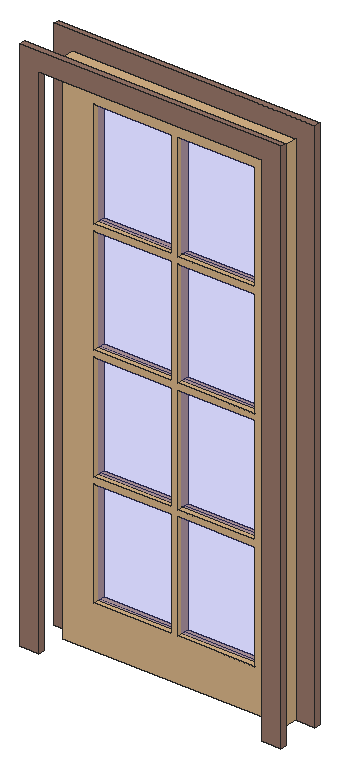
Revit family
Parameters (values of type "0915 x 2134mm")
  Thickness = 51.00 mm
  Door Material = Door - Panel
  Frame Material = Door - Frame
  Height = 2134.00 mm
  Muntin = 25.00 mm
  Stile Width = 127.00 mm
  Trim Projection Ext = 25.00 mm
  Trim Projection Int = 25.00 mm
  Trim Width = 76.00 mm
  Wall Closure = (empty or 0)
  Width = 915.00 mm
Types (7, lengths in mm): name | Height | Width
  0915 x 2134mm | 2134.00 | 915.00
  0864 x 2134mm | 2134.00 | 864.00
  0813 x 2134mm | 2134.00 | 813.00
  0762 x 2134mm | 2134.00 | 762.00
  0762 x 2032mm | 2032.00 | 762.00
  0915 x 2032mm | 2032.00 | 915.00
  0864 x 2032mm | 2032.00 | 864.00
Reference planes
  plane 1: y = 0
  plane 2: z = 0
  plane 3: x = 25.4
  plane 4: x = -432.1
  plane 5: x = 482.9
  plane 6: z = 2134
  plane 7: x = 12.9
  plane 8: x = 37.9
  plane 9: x = -305.1
  plane 10: x = 355.9
  plane 11: z = 1103.7
  plane 12: z = 1568.05
  plane 13: z = 1543.05
  plane 14: z = 1078.7
  plane 15: z = 639.35
  plane 16: z = 614.35
  plane 17: z = 2007.4
  plane 18: z = 175
  plane 19: z = 2032.4
  plane 20: y = 75
  plane 21: y = 24
  plane 22: y = 49.5
Forms (mm)
  Extrusion 1, solid, material "Glass"
    sketch origin (0, 8.902, 0) x (1, 0, 0) y (0, 0, 1)
      loop
        line (-305.1, 2007.4) -> (-305.1, 1568.05) -> (12.9, 1568.05) -> (12.9, 2007.4) -> (-305.1, 2007.4)
      loop
        line (37.9, 2007.4) -> (37.9, 1568.05) -> (355.9, 1568.05) -> (355.9, 2007.4) -> (37.9, 2007.4)
      loop
        line (37.9, 1543.05) -> (37.9, 1103.7) -> (355.9, 1103.7) -> (355.9, 1543.05) -> (37.9, 1543.05)
      loop
        line (-305.1, 1543.05) -> (-305.1, 1103.7) -> (12.9, 1103.7) -> (12.9, 1543.05) -> (-305.1, 1543.05)
      loop
        line (-305.1, 1078.7) -> (-305.1, 639.35) -> (12.9, 639.35) -> (12.9, 1078.7) -> (-305.1, 1078.7)
      loop
        line (37.9, 1078.7) -> (37.9, 639.35) -> (355.9, 639.35) -> (355.9, 1078.7) -> (37.9, 1078.7)
      loop
        line (37.9, 614.35) -> (37.9, 175) -> (355.9, 175) -> (355.9, 614.35) -> (37.9, 614.35)
      loop
        line (-305.1, 614.35) -> (-305.1, 175) -> (12.9, 175) -> (12.9, 614.35) -> (-305.1, 614.35)
    from -46.848 to -34.348
  Extrusion 2, solid, material "Door - Panel" <- "Door Material"
    sketch origin (-1524, -75, 0) x (1, 0, 0) y (0, 0, 1)
      loop
        line (1091.9, 2134) -> (1091.9, 0) -> (2006.9, 0) -> (2006.9, 2134) -> (1091.9, 2134)
      loop
        line (1218.9, 2007.4) -> (1218.9, 1568.05) -> (1536.9, 1568.05) -> (1536.9, 2007.4) -> (1218.9, 2007.4)
      loop
        line (1561.9, 2007.4) -> (1561.9, 1568.05) -> (1879.9, 1568.05) -> (1879.9, 2007.4) -> (1561.9, 2007.4)
      loop
        line (1218.9, 1543.05) -> (1218.9, 1103.7) -> (1536.9, 1103.7) -> (1536.9, 1543.05) -> (1218.9, 1543.05)
      loop
        line (1561.9, 1543.05) -> (1561.9, 1103.7) -> (1879.9, 1103.7) -> (1879.9, 1543.05) -> (1561.9, 1543.05)
      loop
        line (1218.9, 1078.7) -> (1218.9, 639.35) -> (1536.9, 639.35) -> (1536.9, 1078.7) -> (1218.9, 1078.7)
      loop
        line (1561.9, 1078.7) -> (1561.9, 639.35) -> (1879.9, 639.35) -> (1879.9, 1078.7) -> (1561.9, 1078.7)
      loop
        line (1218.9, 614.35) -> (1218.9, 175) -> (1536.9, 175) -> (1536.9, 614.35) -> (1218.9, 614.35)
      loop
        line (1561.9, 614.35) -> (1561.9, 175) -> (1879.9, 175) -> (1879.9, 614.35) -> (1561.9, 614.35)
    from -150 to -99
  Extrusion 3, solid, material "Door - Frame" <- "Frame Material"
    sketch origin (-1524, 75, 0) x (-1, 0, 0) y (0, 0, 1)
      loop
        line (-2082.9, 2210) -> (-2082.9, 0) -> (-2006.9, 0) -> (-2006.9, 2134) -> (-1091.9, 2134) -> (-1091.9, 0) -> (-1015.9, 0) -> (-1015.9, 2210) -> (-2082.9, 2210)
    from 0 to 25
  Extrusion 4, solid, material "Door - Frame" <- "Frame Material"
    sketch origin (-1524, -75, 0) x (1, 0, 0) y (0, 0, 1)
      loop
        line (1015.9, 2210) -> (1015.9, 0) -> (1091.9, 0) -> (1091.9, 2134) -> (2006.9, 2134) -> (2006.9, 0) -> (2082.9, 0) -> (2082.9, 2210) -> (1015.9, 2210)
    from 0 to 25
Lines and regions (mm)
  Opening 1
    outline origin (-1524, -75, 3657.6) x (0, 0, -1) y (1, 0, 0)
      loop
        line (1523.6, 1091.9) -> (3657.6, 1091.9) -> (3657.6, 2006.9) -> (1523.6, 2006.9) -> (1523.6, 1091.9)
  symbolic lines, style "DoorsPanelProjection"
    curve 1: line (482.9, 75, 0) -> (431.9, 75, 0)
    curve 2: line (482.9, 75, 0) -> (482.9, 989.99, 0)
    curve 3: line (482.9, 989.99, 0) -> (431.9, 989.99, 0)
    curve 4: line (431.9, 75, 0) -> (431.9, 989.99, 0)
  model lines, style "DoorsFrameMullionProjection"
    curve 5: line (-508.1, -75, 0) -> (-508.1, -75, 2210)
    curve 6: line (-508.1, -75, 2210) -> (558.9, -75, 2210)
    curve 7: line (558.9, -75, 2210) -> (558.9, -75, 0)
    curve 8: line (558.9, 75, 0) -> (558.9, 75, 2210)
    curve 9: line (-508.1, 75, 2210) -> (558.9, 75, 2210)
    curve 10: line (-508.1, 75, 2210) -> (-508.1, 75, 0)
  symbolic lines, style "Plan Swing"
    curve 11: arc (431.9, 989.99, 0) -> (-182.887, 704.71, 0) -> (-433.51, 75, 0) r 916.41
  symbolic lines, style "Elevation Swing"
    curve 12: line (-432.1, 0, 2134) -> (482.9, 0, 1087)
    curve 13: line (482.9, 0, 1087) -> (482.9, 0, 1067)
    curve 14: line (482.9, 0, 1067) -> (-432.1, 0, 0)
Dimensions and locks
  equal spacing: plane 4, plane 3, plane 5
  "Width": plane 4 to plane 5
  "Height": plane 6 to plane 2
  "Trim Width": plane 4 to curve 5
  "Trim Width": plane 5 to curve 7
  "Trim Width": plane 6 to curve 6
  locked: curve 9 to host wall
  "Stile Width": plane 4 to plane 9
  "Stile Width": plane 10 to plane 5
  "Muntin": plane 12 to plane 13
  "Muntin": plane 11 to plane 14
  "Muntin": plane 15 to plane 16
  "Muntin": plane 7 to plane 8
  "Thickness": curve 4 to plane 5
  equal spacing: plane 19, plane 12, plane 11, plane 15, plane 18
  locked: plane 18 to host wall at 175
  locked: plane 6 to plane 19 at 101.6
  "Muntin": plane 19 to plane 17
  equal spacing: plane 7, plane 3, plane 8
  "Trim Projection Int": Extrusion 4 to host wall
  "Trim Projection Ext": Extrusion 3 to host wall
  equal spacing: plane 6, curve 14, level
  locked: plane 20 to host wall at 0
  "Thickness": plane 21 to plane 20
  equal spacing: plane 20, plane 22, plane 21
  locked: Extrusion 1 to Extrusion 1 at 12.5
  equal spacing: Extrusion 1, plane 22, Extrusion 1
  aligned and locked: curve 7 to level
  aligned and locked: curve 8 to curve 7
  aligned and locked: Extrusion 2 sketch curve to Extrusion 1  (x2)
  aligned and locked: Extrusion 3 sketch curve to curve 10
  aligned and locked: Extrusion 3 sketch curve to curve 6
  aligned and locked: Extrusion 3 sketch curve to Extrusion 2  (x4)
  aligned and locked: Extrusion 3 sketch curve to curve 7
  aligned and locked: level to plane 2
  aligned and locked: Extrusion 4 sketch curve to Extrusion 3
  aligned and locked: Extrusion 4 sketch curve to curve 5
  aligned and locked: Extrusion 4 sketch curve to curve 7
  aligned and locked: plane 17 to Extrusion 1 sketch curve
  aligned and locked: plane 12 to Extrusion 1 sketch curve  (x2)
  aligned and locked: plane 13 to Extrusion 1 sketch curve  (x2)
  aligned and locked: plane 11 to Extrusion 1 sketch curve  (x2)
  aligned and locked: plane 14 to Extrusion 1 sketch curve  (x2)
  aligned and locked: plane 15 to Extrusion 1 sketch curve  (x2)
  aligned and locked: plane 16 to Extrusion 1 sketch curve  (x2)
  aligned and locked: Extrusion 1 sketch curve to Extrusion 1 sketch curve
  aligned and locked: plane 9 to Extrusion 1 sketch curve  (x4)
  aligned and locked: plane 10 to Extrusion 1 sketch curve  (x4)
  aligned and locked: Extrusion 3 to host wall
  aligned and locked: plane 21 to Extrusion 2
  aligned and locked: plane 20 to Extrusion 2
Automatic sketch dimensions
  Opening 1 sketch curve to plane 6 = 0.00 mm
  Opening 1 sketch curve to level = 0.00 mm
  Opening 1 sketch curve to plane 4 = 0.00 mm
  Opening 1 sketch curve to plane 5 = 0.00 mm
  Extrusion 2 sketch curve to plane 4 = 0.00 mm
  Extrusion 2 sketch curve to plane 9 = 0.00 mm  (x4)
  Extrusion 2 sketch curve to plane 7 = 0.00 mm  (x4)
  Extrusion 2 sketch curve to plane 8 = 0.00 mm  (x4)
  Extrusion 2 sketch curve to plane 10 = 0.00 mm  (x4)
  Extrusion 2 sketch curve to level = 0.00 mm
  Extrusion 2 sketch curve to plane 5 = 0.00 mm
  Extrusion 2 sketch curve to plane 16 = 0.00 mm  (x2)
  Extrusion 2 sketch curve to plane 15 = 0.00 mm  (x2)
  Extrusion 2 sketch curve to plane 14 = 0.00 mm  (x2)
  Extrusion 2 sketch curve to plane 11 = 0.00 mm  (x2)
  Extrusion 2 sketch curve to plane 13 = 0.00 mm  (x2)
  Extrusion 2 sketch curve to plane 12 = 0.00 mm  (x2)
  Extrusion 2 sketch curve to plane 17 = 0.00 mm  (x2)
  Extrusion 2 sketch curve to plane 6 = 0.00 mm
  Extrusion 3 sketch curve to level = 0.00 mm
  Extrusion 4 sketch curve to plane 6 = 0.00 mm
  Extrusion 4 sketch curve to plane 5 = 0.00 mm
  Extrusion 4 sketch curve to level = 0.00 mm  (x2)
  Extrusion 4 sketch curve to plane 4 = 0.00 mm
  Extrusion 1 sketch curve to plane 7 = 0.00 mm  (x4)
  Extrusion 1 sketch curve to plane 8 = 0.00 mm  (x4)
  Extrusion 1 sketch curve to plane 18 = 0.00 mm  (x2)
  curve 1 to plane 5 = 0.00 mm
  curve 11 to plane 5 = 0.00 mm
  plane 4 to curve 11 = 1.41 mm
  curve 11 to host wall = 0.00 mm
  curve 12 to plane 4 = 0.00 mm
  curve 12 to plane 6 = 0.00 mm
  curve 13 to plane 5 = 0.00 mm
  curve 5 to level = 0.00 mm
  curve 8 to level = 0.00 mm
  curve 10 to level = 0.00 mm
  curve 14 to level = 0.00 mm
  curve 14 to plane 4 = 0.00 mm
  curve 9 to curve 6 = 0.00 mm
  curve 12 to curve 13 = 20.00 mm
  curve 9 to curve 5 = 0.00 mm
  curve 1 to host wall = 0.00 mm
